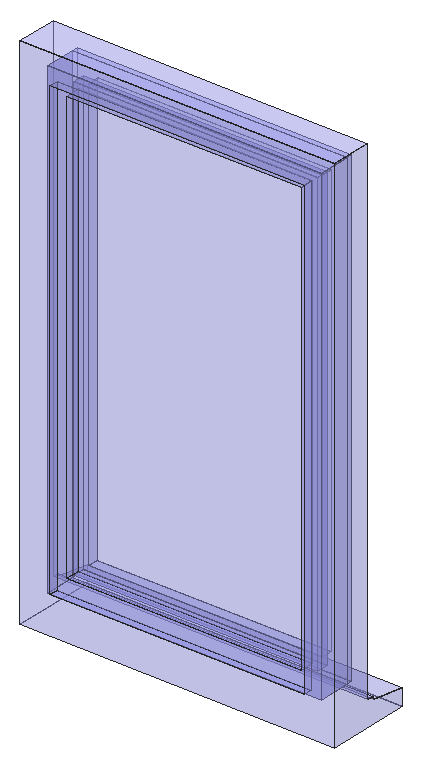
Revit family
Parameters
  Rough Width = Width  # 630.0 mm
  Rough Height = Height  # 1050.0 mm
  Operation = "SinglePanel"
  Material Trim = Concept
  Material Glass = Concept
  Material Frame = Concept
  Manufacturer = "Revit"
  Keynote = "L10"
  Height = 1050.0 mm
  Wall Closure = (empty or 0)
  Width = 630.0 mm
  FrameOffset - External = 50.0 mm
  Default Head Height = 2110.0 mm
Reference planes
  plane 1: y = 0
  plane 2 "Center (Left/Right)": x = 0
  plane 3 "Left": x = -315
  plane 4 "Right": x = 315
  plane 5 "Cill": z = 1060
  plane 6 "Head": z = 2110
  plane 7 "Exterior": y = 158.457
  plane 8 "Interior": y = -141.543
  plane 9 "Back of Window": y = 43.457
  plane 10 "Front Cill": y = 195.957
  plane 11 "Face Window": y = 108.457
Forms (mm)
  Extrusion 1, solid, material "Concept" <- "Material Frame"
    sketch origin (0, 0, 0) x (0, 1, 0) y (0, 0, 1)
      loop
        line (25.457, 1060) -> (195.957, 1060) -> (195.957, 1093.809) -> (123.457, 1104.745) -> (123.457, 1109.688) -> (108.457, 1111) -> (108.457, 1123) -> (43.457, 1123) -> (43.457, 1135) -> (25.457, 1135) -> (25.457, 1060)
    from 315 to -315
  Sweep 2, solid, material "Concept" <- "Material Frame"
    path origin (0, 43.457, 0) x (1, 0, 0) y (0, 0, 1)
      loop
        line (-315, 1123) -> (-315, 2110) -> (315, 2110) -> (315, 1123)
    profile origin (0, 0, 1616.5) x (-1, 0, 0) y (0, -1, 0)
      loop
        line (315, -25.457) -> (255, -25.457) -> (255, -43.457) -> (275, -43.457) -> (275, -108.457) -> (315, -108.457) -> (315, -25.457)
  Sweep 3, solid, material "Concept" <- "Material Frame"
    path origin (0, 108.457, 0) x (1, 0, 0) y (0, 0, 1)
      loop
        line (275, 2070) -> (-275, 2070) -> (-275, 1123) -> (275, 1123) -> (275, 2070)
    profile origin (0, 0, 1596.5) x (0, -1, 0) y (1, 0, 0)
      loop
        line (-120.004, -275) -> (-43.457, -275) -> (-43.457, -235) -> (-72.457, -235) -> (-72.457, -245) -> (-96.457, -245) -> (-96.457, -235) -> (-120.004, -235) -> (-120.004, -275)
  Extrusion 4, solid, material "Concept" <- "Material Glass"
    sketch origin (245, 96.457, 2040) x (-1, 0, 0) y (0, 0, -1)
      loop
        line (0, 887) -> (0, 0) -> (490, 0) -> (490, 887) -> (0, 887)
    from 0 to 24
Cuts and joins
  joined: Extrusion 1, Sweep 2
Lines and regions (mm)
  Opening 1
    outline origin (-5000, -141.543, 0) x (1, 0, 0) y (0, 0, 1)
      loop
        line (5315, 2110) -> (4685, 2110) -> (4685, 1060) -> (5315, 1060) -> (5315, 2110)
  Masking region 1
    outline origin (0, 0, 1060) x (0, -1, 0) y (1, 0, 0)
      loop
        line (-25.457, -315) -> (-25.457, 315) -> (-195.957, 315) -> (-195.957, -315) -> (-25.457, -315)
  symbolic lines, style "Windows"
    curve 1: line (-315, 25.457, 0) -> (315, 25.457, 0)
    curve 2: line (-315, 108.457, 0) -> (-315, 25.457, 0)
    curve 3: line (315, 108.457, 0) -> (-315, 108.457, 0)
    curve 4: line (315, 25.457, 0) -> (315, 108.457, 0)
    curve 5: line (-255, 25.457, 0) -> (-255, 108.457, 0)
    curve 6: line (255, 25.457, 0) -> (255, 108.457, 0)
    curve 7: line (-255, 66.957, 0) -> (255, 66.957, 0)
  symbolic lines, style "Elevation Swing"
    curve 8: line (-235, 0, 2030) -> (235, 0, 1596.5)
    curve 9: line (-235, 0, 1163) -> (235, 0, 1596.5)
  symbolic lines, style "WindowsSillHeadProjection"
    curve 10: line (315, 195.957, 0) -> (-315, 195.957, 0)
    curve 11: line (-315, 195.957, 0) -> (-315, 159.707, 0)
    curve 12: line (315, 159.707, 0) -> (315, 195.957, 0)
Text (mm)
  text "EXTERIOR" at (-1415.209, 454.062, 0), in view "Ref. Level"
  text "INTERIOR" at (-1415.209, -367.981, 0), in view "Ref. Level"
  text "Exterior" at (0, 923.751, 2943.296), in view "Right"
  text "Exterior" at (0, 1040.484, 2685.409), in view "Left"
Dimensions and locks
  equal spacing: plane 3 "Left", plane 2 "Center (Left/Right)", plane 4 "Right"
  "Width": plane 3 "Left" to plane 4 "Right"
  "Height": plane 5 "Cill" to plane 6 "Head"
  "Default Head Height": plane 6 "Head" to level
  locked: plane 7 "Exterior" to host wall at 0
  locked: plane 8 "Interior" to host wall
  "FrameOffset - External": plane 11 "Face Window" to plane 7 "Exterior"
  locked: Extrusion 1 sketch curve to Extrusion 1 sketch curve at 18
  Extrusion 1 sketch curve to Extrusion 1 sketch curve = 12.0 mm
  plane 11 "Face Window" to Extrusion 1 sketch curve = 15.0 mm
  Sweep 3 sketch curve to Sweep 3 sketch curve = 10.0 mm
  Extrusion 1 to Sweep 3 sketch curve = 11.547 mm
  locked: Sweep 3 sketch curve to Sweep 3 sketch curve at 24
  equal spacing: curve 3, curve 7, curve 1
  locked: plane 9 "Back of Window" to plane 11 "Face Window" at 65
  locked: curve 1 to plane 11 "Face Window" at 83
  equal spacing: Sweep 3, curve 9, Sweep 3
  aligned and locked: plane 9 "Back of Window" to Extrusion 1 sketch curve
  aligned and locked: plane 11 "Face Window" to Extrusion 1 sketch curve
  aligned and locked: plane 10 "Front Cill" to Extrusion 1 sketch curve
  aligned and locked: Extrusion 1 sketch curve to plane 5 "Cill"
  aligned and locked: plane 3 "Left" to Extrusion 1
  aligned and locked: Extrusion 1 to plane 4 "Right"
  aligned and locked: plane 11 "Face Window" to Sweep 2 sketch curve
  aligned and locked: Sweep 3 sketch curve to Sweep 3 sketch curve
  aligned and locked: Sweep 3 sketch curve to plane 9 "Back of Window"
  aligned and locked: Sweep 2 to curve 5
  aligned and locked: curve 6 to Sweep 2
  aligned and locked: curve 10 to cut or joined group of Extrusion 1, Sweep 2
  aligned and locked: curve 11 to cut or joined group of Extrusion 1, Sweep 2
  aligned and locked: cut or joined group of Extrusion 1, Sweep 2 to curve 12
  aligned and locked: plane 3 "Left" to Masking region 1 sketch curve
  aligned and locked: plane 4 "Right" to Masking region 1 sketch curve
  aligned and locked: plane 10 "Front Cill" to Masking region 1 sketch curve
  aligned and locked: Masking region 1 sketch curve to cut or joined group of Extrusion 1, Sweep 2
Automatic sketch dimensions
  Extrusion 1 sketch curve to Extrusion 1 sketch curve = 33.809 mm
  Extrusion 1 sketch curve to Extrusion 1 sketch curve = 15.879 mm
  Extrusion 1 sketch curve to Extrusion 1 sketch curve = 4.943 mm
  Extrusion 1 sketch curve to plane 5 "Cill" = 63.0 mm
  Extrusion 1 sketch curve to Extrusion 1 sketch curve = 12.0 mm
  Sweep 2 sketch curve to plane 3 "Left" = 0.0 mm
  Sweep 2 sketch curve to plane 4 "Right" = 0.0 mm
  Sweep 2 sketch curve to plane 6 "Head" = 0.0 mm
  Sweep 2 sketch curve to plane 5 "Cill" = 63.0 mm  (x2)
  Sweep 2 sketch curve to profile plane = 0.0 mm
  profile plane to Sweep 2 sketch curve = 40.0 mm
  plane 9 "Back of Window" to Sweep 2 sketch curve = 18.0 mm
  Sweep 2 sketch curve to Sweep 2 sketch curve = 20.0 mm
  Sweep 2 sketch curve to plane 9 "Back of Window" = 0.0 mm
  Sweep 3 sketch curve to plane 3 "Left" = 40.0 mm
  plane 4 "Right" to Sweep 3 sketch curve = 40.0 mm
  Sweep 3 sketch curve to plane 5 "Cill" = 63.0 mm
  plane 6 "Head" to Sweep 3 sketch curve = 40.0 mm
  Sweep 3 sketch curve to profile plane = 0.0 mm
  plane 4 "Right" to Extrusion 4 sketch curve = 70.0 mm
  Extrusion 4 sketch curve to plane 3 "Left" = 70.0 mm
  plane 6 "Head" to Extrusion 4 sketch curve = 70.0 mm
  Extrusion 4 sketch curve to plane 5 "Cill" = 93.0 mm
  curve 3 to plane 3 "Left" = 0.0 mm
  curve 4 to plane 4 "Right" = 0.0 mm
  curve 3 to plane 11 "Face Window" = 0.0 mm
  host wall to curve 11 = 1.25 mm
  host wall to curve 12 = 1.25 mm
  Opening 1 sketch curve to plane 3 "Left" = 0.0 mm
  Opening 1 sketch curve to plane 4 "Right" = 0.0 mm
  Opening 1 sketch curve to plane 5 "Cill" = 0.0 mm
  Opening 1 sketch curve to plane 6 "Head" = 0.0 mm
  Sweep 3 sketch curve to plane 11 "Face Window" = 11.547 mm
  plane 11 "Face Window" to Sweep 3 sketch curve = 12.0 mm
  Sweep 3 sketch curve to Sweep 3 sketch curve = 40.0 mm
  plane 6 "Head" to curve 8 = 80.0 mm
  plane 4 "Right" to curve 9 = 80.0 mm
  curve 9 to plane 5 "Cill" = 103.0 mm
  curve 8 to plane 3 "Left" = 80.0 mm
  curve 9 to plane 3 "Left" = 80.0 mm
